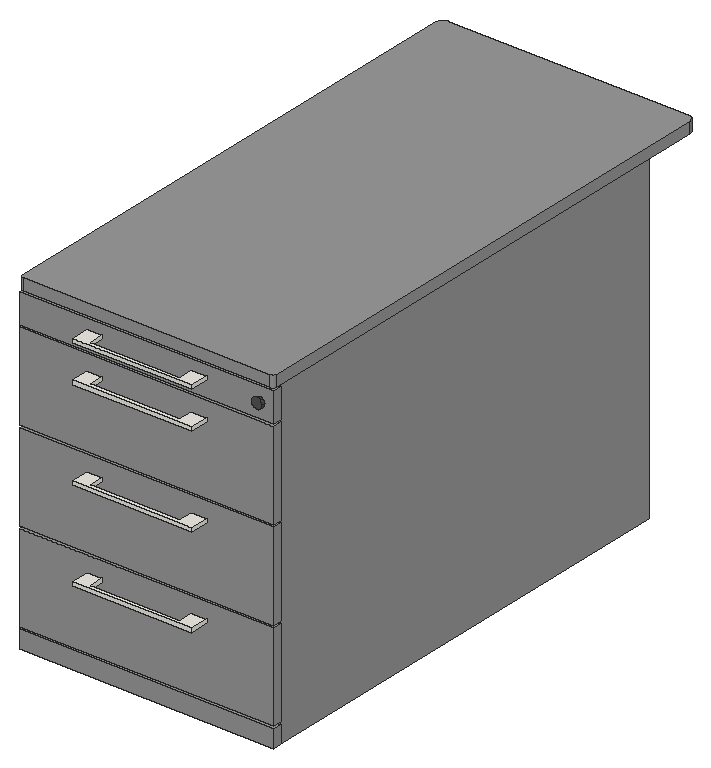
Revit family "Haworth_HC1Pedestal_10HE_EU_PRELIMINARY", category Furniture Systems, Revit 2019
Family settings
  Round Connector Dimension = Use Diameter
  Part Type = Normal
  OmniClass Number = 23.40.70.14.64.21
  OmniClass Title = Systems Furniture
  Work Plane-Based = No
  Always vertical = Yes
  Cut with Voids When Loaded = No
  Shared = No
  Room Calculation Point = No
Parameters (values of type "1/3/3/3/3 43.3 x 80 x 56.6")
  Without Pull = not(or(Handle 1, Handle 2, Standard Handle 2, Standard Handle 1, Recessed Handle 128 Small, Recessed Handle 128, Handle Metal, Handle 128 128))  # no
  Warranty = "http://www.haworth.com/resources/product-info/warranties"
  URL - Product = "https://www.haworth.com/eu/en/products/office-drawers/hc1.html"
  Top Depth = if([60D Top], 60 cm, if([70D Top], 70 cm, if([80D Top], 80 cm, 90 cm)))  # 90 cm
  Thickness = if(Low, 1.9 cm, 2.5 cm)  # 1.9 cm
  Standard Handle 2 = no
  Standard Handle 1 = no
  Small = not(Large)  # no
  Recessed Handle 128 Small = and(Recessed Handle 128, Small)  # no
  Recessed Handle 128 = no
  Pull Finish = Haworth _ Paint _ Smooth Plaster
  Pedestal Finish [instance] = Haworth _ Laminate _ Undecided _ Pedestal
  Model = "MS100X13333"  # constant formula
  Low = not(High)  # yes
  Large = yes
  High = no
  Handle Metal = no
  Handle 2 = no
  Handle 128 128 = yes
  Handle 1 = no
  Glides = not(Casters)  # no
  Glide Finish = Haworth _ Polymer _ Black
  Front Finish [instance] = Haworth _ Laminate _ Undecided _ Pedestal
  Description = "Haworth - HC1 Pedestal - 10HE Pedestal"  # constant formula
  URL = "https://www.haworth.com/eu/en.html"
  Size = "Verify Final Dim. w/ Haworth"  # constant formula
  Revision Number = "1"  # constant formula
  Manufacturer = "Haworth"  # constant formula
  Depth of Top = "if(Depth 60, 60, 70), if(Depth 80, 80, 90)"  # constant formula
  Cushion Finish [instance] = Haworth _ Fabric _ Undecided _ Seating _ Lounge
  Casters = yes
  Author = "Haworth (Abd Rahman)"  # constant formula
  Assembly Code = "E2020200"
  Actual Width = 43.3 cm  # constant formula
  Actual Height = 56.6 cm  # constant formula
  Actual Depth = if(Small, 60 cm, 80 cm)  # 80 cm
  90D Top = yes
  80D Top = no
  70D Top = no
  60D Top = no
Types (2, lengths in cm): name | Without Pull | Top Depth | Thickness | Small | Low | Large | High | Handle 128 128 | Glides | Casters | Actual Depth | 90D Top | 70D Top
  1/3/3/3/3 43.3 x 60 x 56.6 | yes | 70 | 2.5 | yes | no | no | yes | no | yes | no | 60 | no | yes
  1/3/3/3/3 43.3 x 80 x 56.6 | no | 90 | 1.9 | no | yes | yes | no | yes | no | yes | 80 | yes | no
Reference planes (cm)
  plane 1 "Storage Top Center F/B": y = 5
  plane 2: z = 0
  plane 3 "Storage Top Center L/R": x = 0
  plane 4 "Left": x = -21.65
  plane 5 "Back": y = 45
  plane 6 "Front": y = -35
  plane 7 "Right": x = 21.65
  plane 8 "Top": z = 58.5
  plane 9 "Bottom": z = 56.6
  plane 10: z = 1.6
  plane 11: z = 51.2
  plane 12: z = 50.8
  plane 13: z = 35.8
  plane 14: z = 35.4
  plane 15: z = 20.4
  plane 16: z = 20
  plane 17: z = 5
  plane 18: z = 4.6
  plane 19: z = 56.2
  plane 20: y = -33.5
  plane 21: y = 55
  plane 22: x = 19.15
  plane 23: z = 53.7
  plane 24: y = -36
  plane 25: z = 47.8
  plane 26: z = 32.4
  plane 27: z = 17
  plane 28: z = 1.6
  plane 29: z = 54.2
  plane 30: x = 9
  plane 31: x = -9
  plane 32: z = 55.2
  plane 33: z = 52.2
  plane 34: z = 48.8
  plane 35: z = 45.8
  plane 36: z = 33.4
  plane 37: z = 30.4
  plane 38: z = 18
  plane 39: z = 15
  plane 40: y = -35.4499
  plane 41: x = -7
  plane 42: x = 6.9654
  plane 43: z = 54.6299
  plane 44: z = 52.6299
  plane 45: z = 48.2299
  plane 46: z = 46.2299
  plane 47: z = 32.8299
  plane 48: z = 30.8299
  plane 49: z = 17.4299
  plane 50: z = 15.4299
  plane 51: z = 2.0299
  plane 52: z = 0.0299
  plane 53: y = -35.1733
Forms (cm)
  Extrusion 1, solid, material "Haworth _ Fabric _ Undecided _ Seating _ Lounge" <- "Cushion Finish"
    sketch origin (-91.5403, -457.2, 56.6) x (-1, 0, 0) y (0, -1, 0)
      loop
        arc (-71.1603, -512.2) -> (-70.2623, -511.828) -> (-69.8903, -510.93) r 1.27
        line (-69.8903, -510.93) -> (-69.8903, -422.7913)
        arc (-69.8903, -422.7913) -> (-70.0635, -422.3732) -> (-70.4816, -422.2) r 0.5913
        line (-70.4816, -422.2) -> (-112.599, -422.2)
        arc (-112.599, -422.2) -> (-113.0171, -422.3732) -> (-113.1903, -422.7913) r 0.5913
        line (-113.1903, -422.7913) -> (-113.1903, -510.93)
        arc (-113.1903, -510.93) -> (-112.8183, -511.828) -> (-111.9203, -512.2) r 1.27
        line (-111.9203, -512.2) -> (-71.1603, -512.2)
    from 0 to 1.9
  Extrusion 2, solid, material "Haworth _ Laminate _ Undecided _ Pedestal" <- "Pedestal Finish"
    sketch origin (0, 0, 0) x (1, 0, 0) y (0, 1, 0)
      loop
        line (-21.65, 45) -> (-21.65, -33.5) -> (21.65, -33.5) -> (21.65, 45) -> (-21.65, 45)
    from 1.6 to 56.6
  Extrusion 3, solid, material "Haworth _ Laminate _ Undecided _ Pedestal" <- "Front Finish"
    sketch origin (0, -35, 0) x (1, 0, 0) y (0, 0, -1)
      loop
        line (-21.65, -56.2) -> (21.65, -56.2) -> (21.65, -51.2) -> (-21.65, -51.2) -> (-21.65, -56.2)
      loop
        line (-21.65, -50.8) -> (21.65, -50.8) -> (21.65, -35.8) -> (-21.65, -35.8) -> (-21.65, -50.8)
      loop
        line (-21.65, -35.4) -> (21.65, -35.4) -> (21.65, -20.4) -> (-21.65, -20.4) -> (-21.65, -35.4)
      loop
        line (21.65, -5) -> (-21.65, -5) -> (-21.65, -20) -> (21.65, -20) -> (21.65, -5)
    from 0 to 1.5
  Extrusion 4, solid, material "Haworth _ Polymer _ Black" <- "Glide Finish", visible <- "Glides"
    sketch origin (0, 0, 0) x (1, 0, 0) y (0, 1, 0)
      loop
        line (-19.65, -26.9645) -> (-19.65, -30.6738)
        arc (-19.65, -30.6738) -> (-14.3286, -28.8191) -> (-19.65, -26.9645) r 2.9839
      loop
        arc (19.65, -26.9645) -> (14.3286, -28.8191) -> (19.65, -30.6738) r 2.9839
        line (19.65, -30.6738) -> (19.65, -26.9645)
      loop
        arc (-19.65, 36.9645) -> (-14.3286, 38.8191) -> (-19.65, 40.6738) r 2.9839
        line (-19.65, 40.6738) -> (-19.65, 36.9645)
      loop
        line (19.65, 36.9645) -> (19.65, 40.6738)
        arc (19.65, 40.6738) -> (14.3286, 38.8191) -> (19.65, 36.9645) r 2.9839
    from 0 to 1.6
  Extrusion 5, solid, material "Haworth _ Polymer _ Black" <- "Glide Finish"
    sketch origin (257.4608, -35, 4.494) x (1, 0, 0) y (0, 0, -1)
      loop
        circle (-238.3108, -49.206) r 0.9
    from -0.4499 to 0
  Extrusion 6, solid, material "Haworth _ Paint _ Smooth Plaster" <- "Pull Finish", visible <- "Recessed Handle 128"
    sketch origin (0, -35, 0) x (1, 0, 0) y (0, 0, -1)
      loop
        line (-9, -55.2) -> (9, -55.2) -> (9, -52.2) -> (-9, -52.2) -> (-9, -55.2)
      loop
        line (-9, -48.8) -> (9, -48.8) -> (9, -45.8) -> (-9, -45.8) -> (-9, -48.8)
      loop
        line (-9, -33.4) -> (9, -33.4) -> (9, -30.4) -> (-9, -30.4) -> (-9, -33.4)
      loop
        line (-9, -18) -> (9, -18) -> (9, -15) -> (-9, -15) -> (-9, -18)
    from -0.4499 to 0
  Extrusion 7, void
    sketch origin (0, -35, 0) x (1, 0, 0) y (0, 0, -1)
      loop
        line (-7, -54.6299) -> (6.9654, -54.6299) -> (6.9654, -52.6299) -> (-7, -52.6299) -> (-7, -54.6299)
      loop
        line (-7, -48.2299) -> (6.9654, -48.2299) -> (6.9654, -46.2299) -> (-7, -46.2299) -> (-7, -48.2299)
      loop
        line (-7, -32.8299) -> (6.9654, -32.8299) -> (6.9654, -30.8299) -> (-7, -30.8299) -> (-7, -32.8299)
      loop
        line (-7, -17.4299) -> (6.9654, -17.4299) -> (6.9654, -15.4299) -> (-7, -15.4299) -> (-7, -17.4299)
    from -25.6289 to -0.1733
  Extrusion 8, solid, material "Haworth _ Polymer _ Black" <- "Glide Finish", visible <- "Casters"
    sketch origin (0, -28, 0) x (1, 0, 0) y (0, 0, -1)
      loop
        line (14.6911, -1.6) -> (18.6911, -1.6)
        arc (18.6911, -1.6) -> (16.6911, 0.0003) -> (14.6911, -1.6) r 2.0499
      loop
        arc (-14.6911, -1.6) -> (-16.6911, 0.0002) -> (-18.6911, -1.6) r 2.0499
        line (-18.6911, -1.6) -> (-14.6911, -1.6)
    from -2.6738 to 1.0355
  Extrusion 9, solid, material "Haworth _ Polymer _ Black" <- "Glide Finish", visible <- "Casters"
    sketch origin (0, 38, 0) x (1, 0, 0) y (0, 0, 1)
      loop
        line (-14.6911, 1.6) -> (-18.6911, 1.6)
        arc (-18.6911, 1.6) -> (-16.6911, -0.0002) -> (-14.6911, 1.6) r 2.0499
      loop
        line (18.6911, 1.6) -> (14.6911, 1.6)
        arc (14.6911, 1.6) -> (16.6911, -0.0003) -> (18.6911, 1.6) r 2.0499
    from -2.6738 to 1.0355
  Extrusion 10, solid, material "Haworth _ Laminate _ Undecided _ Pedestal" <- "Pedestal Finish"
    sketch origin (0, -35, 0) x (1, 0, 0) y (0, 0, -1)
      loop
        line (21.65, -1.6) -> (-21.65, -1.6) -> (-21.65, -4.6) -> (21.65, -4.6) -> (21.65, -1.6)
    from 0 to 1.5
Cuts and joins
  Extrusion 7 cuts Extrusion 2
  Extrusion 7 cuts Extrusion 3
  Extrusion 7 cuts Extrusion 6
Lines and regions (cm)
  Masking region 1
    outline origin (0, 0, 58.5) x (-1, 0, 0) y (0, -1, 0)
      loop
        line (21.65, -53.73) -> (21.65, 33.73)
        arc (21.65, 33.73) -> (21.278, 34.628) -> (20.38, 35) r 1.27
        line (20.38, 35) -> (-20.38, 35)
        arc (-20.38, 35) -> (-21.278, 34.628) -> (-21.65, 33.73) r 1.27
        line (-21.65, 33.73) -> (-21.65, -53.73)
        arc (-21.65, -53.73) -> (-21.278, -54.628) -> (-20.38, -55) r 1.27
        line (-20.38, -55) -> (20.38, -55)
        arc (20.38, -55) -> (21.278, -54.628) -> (21.65, -53.73) r 1.27
Dimensions and locks (cm)
  equal spacing: plane 5 "Back", plane 1 "Storage Top Center F/B", plane 6 "Front"
  "Actual Depth": plane 5 "Back" to plane 6 "Front"
  equal spacing: plane 4 "Left", plane 3 "Storage Top Center L/R", plane 7 "Right"
  "Actual Width": plane 4 "Left" to plane 7 "Right"
  "Thickness": plane 8 "Top" to plane 9 "Bottom"
  "Actual Height": plane 9 "Bottom" to level
  locked: plane 11 to plane 12 at 0.4
  locked: plane 13 to plane 14 at 0.4
  locked: plane 15 to plane 16 at 0.4
  locked: plane 17 to plane 18 at 0.4
  plane 9 "Bottom" to plane 19 = 0.4 cm
  plane 19 to plane 11 = 5 cm
  plane 12 to plane 13 = 15 cm
  plane 14 to plane 15 = 15 cm
  plane 16 to plane 17 = 15 cm
  locked: plane 6 "Front" to plane 20 at 1.5
  "Top Depth": plane 21 to plane 6 "Front"
  locked: plane 22 to plane 7 "Right" at 2.5
  locked: plane 19 to plane 23 at 2.5
  locked: plane 24 to plane 6 "Front" at 1
  locked: plane 12 to plane 25 at 3
  locked: plane 14 to plane 26 at 3
  locked: plane 16 to plane 27 at 3
  locked: plane 18 to plane 28 at 3
  locked: plane 19 to plane 29 at 2
  equal spacing: plane 31, plane 3 "Storage Top Center L/R", plane 30
  plane 32 to plane 29 to plane 33 = 1 cm, 2 cm
  plane 34 to plane 25 to plane 35 = 1 cm, 2 cm
  plane 36 to plane 26 to plane 37 = 1 cm, 2 cm
  plane 38 to plane 27 to plane 39 = 1 cm, 2 cm
  locked: plane 40 to plane 6 "Front" at 0.4499
  plane 51 to plane 28 to plane 52 = 0.4299 cm locked, 1.5701 cm locked
  plane 49 to plane 27 to plane 50 = 0.4299 cm locked, 1.5701 cm locked
  plane 47 to plane 26 to plane 48 = 0.4299 cm locked, 1.5701 cm locked
  plane 45 to plane 25 to plane 46 = 0.4299 cm locked, 1.5701 cm locked
  plane 43 to plane 29 to plane 44 = 0.4299 cm locked, 1.5701 cm locked
  plane 41 to plane 3 "Storage Top Center L/R" to plane 42 = 7 cm locked, 6.9654 cm locked
  locked: plane 53 to plane 6 "Front" at 0.1733
  locked: plane 10 to level at 1.6
  aligned and locked: Extrusion 1 sketch curve to plane 7 "Right"
  aligned and locked: plane 6 "Front" to Extrusion 1 sketch curve
  aligned and locked: plane 4 "Left" to Extrusion 1 sketch curve
  aligned and locked: plane 8 "Top" to Extrusion 1
  aligned and locked: Extrusion 1 to plane 9 "Bottom"
  aligned and locked: Masking region 1 to plane 6 "Front"
  aligned and locked: plane 7 "Right" to Extrusion 2 sketch curve
  aligned and locked: plane 4 "Left" to Extrusion 2 sketch curve
  aligned and locked: plane 5 "Back" to Extrusion 2 sketch curve
  aligned and locked: plane 7 "Right" to Extrusion 3 sketch curve  (x4)
  aligned and locked: Extrusion 3 sketch curve to plane 19
  aligned and locked: plane 4 "Left" to Extrusion 3 sketch curve  (x4)
  aligned and locked: Extrusion 3 sketch curve to plane 11
  aligned and locked: Extrusion 3 sketch curve to plane 13
  aligned and locked: plane 12 to Extrusion 3 sketch curve
  aligned and locked: Extrusion 3 sketch curve to plane 14
  aligned and locked: plane 15 to Extrusion 3 sketch curve
  aligned and locked: Extrusion 4 to level
  aligned and locked: Extrusion 2 to plane 20
  aligned and locked: plane 21 to Masking region 1 sketch curve
  aligned and locked: Extrusion 1 sketch curve to plane 21
  aligned and locked: plane 22 to Extrusion 5 sketch curve
  aligned and locked: plane 23 to Extrusion 5 sketch curve
  aligned and locked: plane 6 "Front" to Extrusion 5
  aligned and locked: plane 25 to nested 1
  aligned and locked: plane 3 "Storage Top Center L/R" to nested 1
  aligned and locked: nested 1 to plane 6 "Front"
  aligned and locked: nested 2 to plane 6 "Front"
  aligned and locked: plane 3 "Storage Top Center L/R" to nested 2
  aligned and locked: plane 26 to nested 2
  aligned and locked: Extrusion 6 sketch curve to plane 32
  aligned and locked: plane 33 to Extrusion 6 sketch curve
  aligned and locked: plane 30 to Extrusion 6 sketch curve  (x4)
  aligned and locked: Extrusion 6 sketch curve to plane 31  (x4)
  aligned and locked: Extrusion 6 sketch curve to plane 34
  aligned and locked: plane 35 to Extrusion 6 sketch curve
  aligned and locked: Extrusion 6 sketch curve to plane 36
  aligned and locked: plane 37 to Extrusion 6 sketch curve
  aligned and locked: Extrusion 6 sketch curve to plane 38
  aligned and locked: plane 39 to Extrusion 6 sketch curve
  aligned and locked: plane 6 "Front" to Extrusion 6
  aligned and locked: plane 40 to Extrusion 6
  aligned and locked: plane 42 to Extrusion 7 sketch curve  (x4)
  aligned and locked: Extrusion 7 sketch curve to plane 41  (x4)
  aligned and locked: Extrusion 7 sketch curve to plane 43
  aligned and locked: plane 44 to Extrusion 7 sketch curve
  aligned and locked: Extrusion 7 sketch curve to plane 45
  aligned and locked: plane 46 to Extrusion 7 sketch curve
  aligned and locked: Extrusion 7 sketch curve to plane 47
  aligned and locked: plane 48 to Extrusion 7 sketch curve
  aligned and locked: Extrusion 7 sketch curve to plane 49
  aligned and locked: plane 50 to Extrusion 7 sketch curve
  aligned and locked: cut or joined group of Extrusion 2, Extrusion 7 to plane 53
  aligned and locked: plane 3 "Storage Top Center L/R" to nested 6
  aligned and locked: plane 3 "Storage Top Center L/R" to nested 5
  aligned and locked: plane 3 "Storage Top Center L/R" to nested 4
  aligned and locked: plane 3 "Storage Top Center L/R" to nested 3
  aligned and locked: plane 25 to nested 6
  aligned and locked: plane 27 to nested 5
  aligned and locked: plane 28 to nested 4
  aligned and locked: plane 29 to nested 3
  aligned and locked: nested 4 to plane 6 "Front"
  aligned and locked: nested 5 to plane 6 "Front"
  aligned and locked: nested 6 to plane 6 "Front"
  aligned and locked: nested 3 to plane 6 "Front"
  aligned and locked: plane 29 to nested 9
  aligned and locked: plane 26 to nested 8
  aligned and locked: plane 27 to nested 7
  aligned and locked: nested 9 to plane 6 "Front"
  aligned and locked: nested 8 to plane 6 "Front"
  aligned and locked: nested 7 to plane 6 "Front"
  aligned and locked: plane 3 "Storage Top Center L/R" to nested 9
  aligned and locked: plane 3 "Storage Top Center L/R" to nested 8
  aligned and locked: plane 3 "Storage Top Center L/R" to nested 7
  aligned and locked: plane 10 to Extrusion 4
  aligned and locked: cut or joined group of Extrusion 2, Extrusion 7 to plane 10
  aligned and locked: plane 40 to Extrusion 5
  aligned and locked: plane 9 "Bottom" to cut or joined group of Extrusion 2, Extrusion 7
  aligned and locked: Extrusion 3 sketch curve to plane 16
  aligned and locked: cut or joined group of Extrusion 3, Extrusion 7 to plane 17
  aligned and locked: plane 28 to Extrusion 8 sketch curve  (x2)
  aligned and locked: plane 10 to Extrusion 9 sketch curve
  aligned and locked: plane 28 to Extrusion 9 sketch curve
  aligned and locked: plane 7 "Right" to Extrusion 10 sketch curve
  aligned and locked: Extrusion 10 sketch curve to plane 18
  aligned and locked: plane 28 to Extrusion 10 sketch curve
  aligned and locked: plane 4 "Left" to Extrusion 10 sketch curve
  aligned and locked: Extrusion 10 to plane 6 "Front"
  aligned and locked: plane 20 to Extrusion 10
Automatic sketch dimensions
  plane 6 "Front" to Extrusion 1 sketch curve = 0.5913 cm
  plane 7 "Right" to Extrusion 1 sketch curve = 1.27 cm
  plane 4 "Left" to Extrusion 1 sketch curve = 1.27 cm
  plane 4 "Left" to Extrusion 1 sketch curve = 0.5913 cm
  Masking region 1 sketch curve to plane 7 "Right" = 0 cm
  Masking region 1 sketch curve to plane 6 "Front" = 0 cm
  Masking region 1 sketch curve to plane 4 "Left" = 0 cm
  plane 7 "Right" to Masking region 1 sketch curve = 1.27 cm  (x2)
  Masking region 1 sketch curve to plane 20 = 0.23 cm
  plane 4 "Left" to Masking region 1 sketch curve = 1.27 cm
  Extrusion 2 sketch curve to plane 20 = 0 cm
  Extrusion 3 sketch curve to plane 17 = 0 cm
  plane 4 "Left" to Extrusion 4 sketch curve = 2 cm  (x2)
  Extrusion 4 sketch curve to Extrusion 4 sketch curve = 2.3375 cm  (x2)
  plane 7 "Right" to Extrusion 4 sketch curve = 4.3375 cm  (x2)
  plane 7 "Right" to Extrusion 4 sketch curve = 2 cm  (x2)
  plane 20 to Extrusion 4 sketch curve = 2.8262 cm  (x2)
  Extrusion 4 sketch curve to Extrusion 4 sketch curve = 1.8547 cm  (x4)
  plane 5 "Back" to Extrusion 4 sketch curve = 8.0355 cm  (x2)
  plane 4 "Left" to Extrusion 8 sketch curve = 2.9589 cm
  plane 10 to Extrusion 8 sketch curve = 0.4498 cm
  Extrusion 8 sketch curve to Extrusion 8 sketch curve = 2 cm  (x2)
  plane 7 "Right" to Extrusion 8 sketch curve = 6.9589 cm
  plane 10 to Extrusion 8 sketch curve = 0.4496 cm
  plane 4 "Left" to Extrusion 9 sketch curve = 6.9589 cm
  plane 10 to Extrusion 9 sketch curve = 0.4498 cm
  Extrusion 9 sketch curve to Extrusion 9 sketch curve = 2 cm  (x2)
  plane 7 "Right" to Extrusion 9 sketch curve = 6.9589 cm
  plane 10 to Extrusion 9 sketch curve = 0.4496 cm
  radius of Extrusion 5 sketch curve = 0.9 cm
Nested families (cm)
  nested 1: "Haworth_Drawer-Pulls" at (0, -35, 47.8), type "Pull"
    with Linear yes, Ellipse no
  nested 2: "Haworth_Epure_Storage_Drawer-Pulls" at (0, -35, 32.4), type "Pull"
    with Metal no, Handle 2 no, Handle 1 no
  nested 3: "Haworth_Epure_Storage_Drawer-Pulls" at (0, -35, 54.2), type "Pull"
    with Metal no, Handle 2 no, Handle 1 no
  nested 4: "Haworth_Epure_Storage_Drawer-Pulls" at (0, -35, 1.6), visible <- "Small", type "Pull - Small"
    with Metal no, Handle 2 no, Handle 1 no
  nested 5: "Haworth_Epure_Storage_Drawer-Pulls" at (0, -35, 17), type "Pull"
    with Metal no, Handle 2 no, Handle 1 no
  nested 6: "Haworth_Epure_Storage_Drawer-Pulls" at (0, -35, 47.8), type "Pull"
    with Metal no, Handle 2 no, Handle 1 no
  nested 7: "Haworth_Drawer-Pulls" at (0, -35, 17), type "Pull"
    with Linear yes, Ellipse no
  nested 8: "Haworth_Drawer-Pulls" at (0, -35, 32.4), type "Pull"
    with Linear yes, Ellipse no
  nested 9: "Haworth_Drawer-Pulls" at (0, -35, 54.2), type "Pull"
    with Linear yes, Ellipse no
Definition of nested family "Haworth_Drawer-Pulls"
  Parameters (values of type "Pull")
    Taper = no
    Radius = no
    Patterns = no
    Linear = no
    Handle Finish = none
    Ellipse = yes
    Cresent = no
    Classic = no
    Assembly Code = ""
  Reference planes (cm)
    plane 1 "Center Front/Back": y = 0
    plane 2: z = 0
    plane 3 "Center Left/Right": x = 0
    plane 4: x = -13
    plane 5: x = 13
  Forms (cm)
    Extrusion 1, solid, material <- "Handle Finish", visible <- "Ellipse"
      sketch origin (0, 0, 0.4043) x (0, 1, 0) y (0, 0, 1)
        loop
          arc (-0.0766, 0) -> (-0.6785, -0.0758) -> (-1.2456, -0.2915) r 2.5527
          arc (-1.2456, -0.2915) -> (-1.6565, -0.5616) -> (-2.0062, -0.9074) r 2.4865
          arc (-2.0062, -0.9074) -> (-2.2178, -1.2005) -> (-2.3884, -1.5191) r 2.7094
          arc (-2.3884, -1.5191) -> (-2.3108, -1.6801) -> (-2.1479, -1.6067) r 0.128
          arc (-2.1479, -1.6067) -> (-1.7188, -0.9918) -> (-1.1354, -0.5209) r 2.6641
          arc (-1.1354, -0.5209) -> (-0.8893, -0.4088) -> (-0.6314, -0.3274) r 2.2187
          arc (-0.6314, -0.3274) -> (-0.4078, -0.3858) -> (-0.29, -0.5847) r 0.3035
          arc (-0.29, -0.5847) -> (-0.1687, -0.7045) -> (0, -0.6789) r 0.1902
          line (0, -0.6789) -> (0, -0.1296) -> (-0.0766, 0)
      from -13 to 13
    Extrusion 2, void
      sketch origin (0, 0, 0.4043) x (1, 0, 0) y (0, 1, 0)
        loop
          line (-16.5099, 0) -> (-16.9486, 0) -> (-16.9486, -2.835) -> (16.9486, -2.835) -> (16.9486, 0) -> (16.5099, 0)
          arc (16.5099, 0) -> (16.423, -0.4523) -> (16.1849, -0.8466) r 1.31
          arc (16.1849, -0.8466) -> (15.839, -1.1305) -> (15.4202, -1.2881) r 1.3735
          arc (15.4202, -1.2881) -> (11.6131, -1.8997) -> (7.7712, -2.2273) r 51.9795
          arc (7.7712, -2.2273) -> (0, -2.4137) -> (-7.7712, -2.2273) r 162.0476
          arc (-7.7712, -2.2273) -> (-11.6131, -1.8997) -> (-15.4202, -1.2881) r 51.9795
          arc (-15.4202, -1.2881) -> (-15.839, -1.1305) -> (-16.1849, -0.8466) r 1.3735
          arc (-16.1849, -0.8466) -> (-16.423, -0.4523) -> (-16.5099, 0) r 1.31
      from 0 to -2.308
    Blend 3, solid, material <- "Handle Finish", visible <- "Radius"
      base sketch origin (0, 0, 0.7938) x (0, 1, 0) y (0, 0, -1)
        loop
          line (0, 0) -> (0, 1.5875) -> (-1.0246, 1.5875)
          arc (-1.0246, 1.5875) -> (-1.8184, 0.7938) -> (-1.0246, 0) r 0.7938
          line (-1.0246, 0) -> (0, 0)
      top sketch origin (0, 0, 0.7938) x (0, 1, 0) y (0, 0, -1)
        loop
          line (0, 0) -> (0, 1.5875) -> (-1.9782, 1.5875)
          arc (-1.9782, 1.5875) -> (-2.772, 0.7938) -> (-1.9782, 0) r 0.7938
          line (-1.9782, 0) -> (0, 0)
      from -12.3825 to -9.2075
    Sweep 4, solid, material <- "Handle Finish", visible <- "Radius"
      path origin (0, 0, 0) x (1, 0, 0) y (0, 1, 0)
        loop
          arc (-12.3825, -1.8184) -> (0, -3.9179) -> (12.3825, -1.8184) r 37.5636
      profile origin (0, -3.9179, 0) x (0, 1, 0) y (0, 0, 1)
        loop
          circle (0.7938, 0) r 0.7739
    Extrusion 5, solid, material <- "Handle Finish", visible <- "Taper"
      sketch origin (0, 0, 0.6929) x (0, 1, 0) y (0, 0, 1)
        loop
          line (0, 0) -> (-2.2225, 0)
          arc (-2.2225, 0) -> (-2.447, -0.093) -> (-2.54, -0.3175) r 0.3175
          line (-2.54, -0.3175) -> (-2.54, -1.778) -> (-2.4609, -1.778) -> (-2.4609, -0.3178)
          arc (-2.4609, -0.3178) -> (-2.3911, -0.1492) -> (-2.2225, -0.0794) r 0.2384
          line (-2.2225, -0.0794) -> (-0.0794, -0.0794) -> (-0.0794, -1.3462) -> (0, -1.3462) -> (0, 0)
      from -16.6535 to 16.6535
    Extrusion 6, void
      sketch origin (0, 0, 0.6929) x (1, 0, 0) y (0, 0, 1)
        loop
          arc (-13.2932, -1.8265) -> (-15.2327, -1.3323) -> (-16.6993, 0.0298) r 4.0532
          line (-16.6993, 0.0298) -> (-17.4239, 0.0298) -> (-17.4239, -2.54) -> (17.4239, -2.54) -> (17.4239, 0.0298) -> (16.6993, 0.0298)
          arc (16.6993, 0.0298) -> (15.2327, -1.3323) -> (13.2932, -1.8265) r 4.0532
          line (13.2932, -1.8265) -> (-13.2932, -1.8265)
      from 0 to 5.5909
    Sweep 7, solid, material <- "Handle Finish", visible <- "Cresent"
      path origin (0, 0, 0.3175) x (1, 0, 0) y (0, 1, 0)
        loop
          arc (-9.6589, 0.1016) -> (0, -3.175) -> (9.6589, 0.1016) r 15.875
      profile origin (0, -3.175, 0.3175) x (0, 1, 0) y (0, 0, 1)
        loop
          circle (0.3175, -0.3175) r 0.3175
    Extrusion 8, void
      sketch origin (0, 0, 0.3175) x (1, 0, 0) y (0, 1, 0)
        loop
          line (-10.0214, 0) -> (10.0177, 0) -> (10.0177, 0.8146) -> (-10.0214, 0.8146) -> (-10.0214, 0)
      from 0.0882 to -0.7228
    Extrusion 9, solid, material <- "Handle Finish", visible <- "Linear"
      sketch origin (0, 0, 0.3175) x (1, 0, 0) y (0, 1, 0)
        loop
          line (-10.16, 0) -> (-10.16, -3.175) -> (10.16, -3.175) -> (10.16, 0) -> (7.62, 0) -> (7.62, -2.54) -> (-7.62, -2.54) -> (-7.62, 0) -> (-10.16, 0)
      from 0 to -0.635
    Extrusion 10, solid, material <- "Handle Finish", visible <- "Classic"
      sketch origin (0, 0, 0.9525) x (1, 0, 0) y (0, 0, 1)
        loop
          line (-8.5725, 0) -> (-8.5725, -1.905)
          arc (-8.5725, -1.905) -> (-7.62, -0.9525) -> (-8.5725, 0) r 0.9525
      from 0 to 2.54
    Extrusion 11, solid, material <- "Handle Finish", visible <- "Classic"
      sketch origin (0, 0, 0.9525) x (-1, 0, 0) y (0, 0, -1)
        loop
          arc (-8.5725, 0) -> (-7.62, 0.9525) -> (-8.5725, 1.905) r 0.9525
          line (-8.5725, 1.905) -> (-8.5725, 0)
      from 0 to 2.54
    Extrusion 12, solid, material <- "Handle Finish", visible <- "Classic"
      sketch origin (0, 0, 0.9525) x (1, 0, 0) y (0, 0, 1)
        loop
          line (-8.5725, 0) -> (-8.5725, -1.905) -> (8.5725, -1.905) -> (8.5725, 0) -> (-8.5725, 0)
      from 2.54 to 3.175
    Blend 13, solid, material <- "Handle Finish", visible <- "Radius"
      base sketch origin (0, 0, 0.7938) x (0, 1, 0) y (0, 0, 1)
        loop
          line (0, 0) -> (-1.0246, 0)
          arc (-1.0246, 0) -> (-1.8184, -0.7938) -> (-1.0246, -1.5875) r 0.7938
          line (-1.0246, -1.5875) -> (0, -1.5875) -> (0, 0)
      top sketch origin (0, 0, 0.7938) x (0, 1, 0) y (0, 0, 1)
        loop
          line (0, 0) -> (-1.9782, 0)
          arc (-1.9782, 0) -> (-2.772, -0.7938) -> (-1.9782, -1.5875) r 0.7938
          line (-1.9782, -1.5875) -> (0, -1.5875) -> (0, 0)
      from -12.3825 to -9.2075
    Extrusion 14, solid, material <- "Handle Finish", visible <- "Patterns"
      sketch origin (0, 0, 0.6929) x (0, 1, 0) y (0, 0, 1)
        loop
          line (0, 0) -> (-2.2225, 0)
          arc (-2.2225, 0) -> (-2.447, -0.093) -> (-2.54, -0.3175) r 0.3175
          line (-2.54, -0.3175) -> (-2.54, -1.778) -> (-2.4609, -1.778) -> (-2.4609, -0.3178)
          arc (-2.4609, -0.3178) -> (-2.3911, -0.1492) -> (-2.2225, -0.0794) r 0.2384
          line (-2.2225, -0.0794) -> (-0.0794, -0.0794) -> (-0.0794, -1.3462) -> (0, -1.3462) -> (0, 0)
      from -10.16 to 10.16
  Cuts and joins
    Extrusion 2 cuts Extrusion 1
    joined: Extrusion 10, Extrusion 11, Extrusion 12
    Extrusion 6 cuts Extrusion 5
    Extrusion 8 cuts Sweep 7
    joined: Blend 3, Sweep 4, Blend 13
Definition of nested family "Haworth_Epure_Storage_Drawer-Pulls"
  Parameters (values of type "Pull")
    Metal = yes
    Handle Finish = none
    Handle 2 = yes
    Handle 1 = yes
    Assembly Code = ""
  Reference planes (cm)
    plane 1 "Center Front/Back": y = 0
    plane 2: z = 0
    plane 3 "Center Left/Right": x = 0
    plane 4: x = -13
    plane 5: x = 13
  Forms (cm)
    Extrusion 1, solid, material <- "Handle Finish", visible <- "Metal"
      sketch origin (0, 0, 0.3175) x (1, 0, 0) y (0, 1, 0)
        loop
          line (-10.16, 0) -> (-10.16, -3.175) -> (10.16, -3.175) -> (10.16, 0) -> (7.62, 0) -> (7.62, -2.54) -> (-7.62, -2.54) -> (-7.62, 0) -> (-10.16, 0)
      from 0 to -0.635
    Extrusion 2, solid, material <- "Handle Finish", visible <- "Handle 2"
      sketch origin (249.8674, 48.2327, -47.4662) x (0, 1, 0) y (0, 0, 1)
        loop
          line (-48.2327, 48.4836) -> (-50.2327, 48.4836) -> (-50.2327, 46.4836) -> (-49.8327, 46.4836) -> (-49.8327, 47.4836) -> (-48.2327, 47.4836) -> (-48.2327, 48.4836)
      from -256.9674 to -242.7674
    Extrusion 3, solid, material <- "Handle Finish", visible <- "Handle 1"
      sketch origin (-80.1326, 48.2327, -18.6172) x (1, 0, 0) y (0, 1, 0)
        loop
          line (72.9326, -50.7327) -> (87.3326, -50.7327)
          arc (87.3326, -50.7327) -> (87.6861, -50.5862) -> (87.8326, -50.2327) r 0.5
          line (87.8326, -50.2327) -> (87.8326, -48.7327)
          arc (87.8326, -48.7327) -> (87.6861, -48.3791) -> (87.3326, -48.2327) r 0.5
          line (87.3326, -48.2327) -> (72.9326, -48.2327)
          arc (72.9326, -48.2327) -> (72.579, -48.3791) -> (72.4326, -48.7327) r 0.5
          line (72.4326, -48.7327) -> (72.4326, -50.2327)
          arc (72.4326, -50.2327) -> (72.579, -50.5862) -> (72.9326, -50.7327) r 0.5
      from 18.1935 to 19.0935
